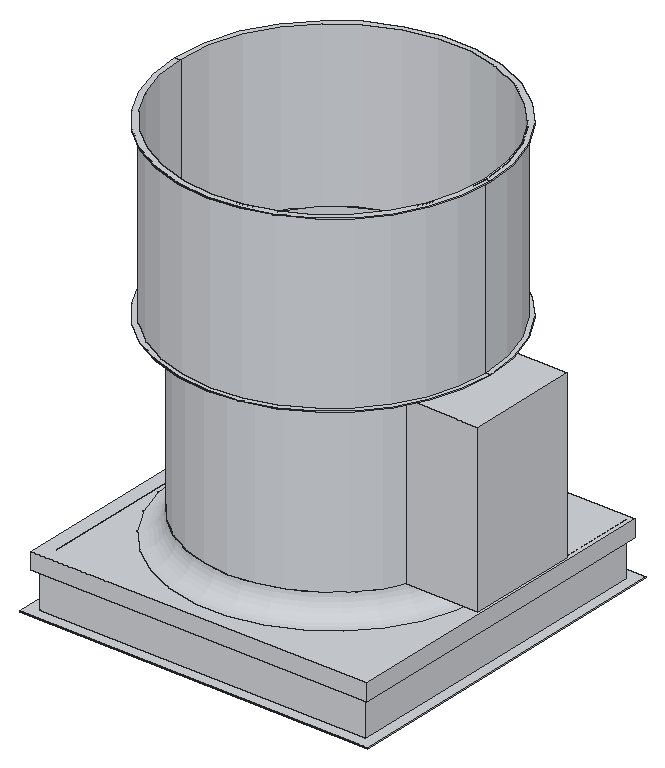
Revit family "AUB", category Mechanical Equipment, Revit 2019
Family settings
  Round Connector Dimension = Use Diameter
  Part Type = Normal
  Work Plane-Based = No
  Always vertical = Yes
  Cut with Voids When Loaded = No
  Shared = No
  Room Calculation Point = No
Parameters (values of type "48_AUB")
  Unit Weight [instance] = ""
  T_SQ/6 = T_SQ / 6  # 0' - 10"
  Sones [instance] = ""
  RO/2 = RO / 2  # 2' - 3 3/4"
  Motor RPM [instance] = ""
  Motor Enclosure [instance] = ""
  ModelID [instance] = ""
  LwA [instance] = ""
  RO = T_SQ - 0' 4 1/2"  # 4' - 7 1/2"
  Fan RPM [instance] = ""
  T_SQ/2 = T_SQ / 2  # 2' - 6"
  T_SQ = 5' - 0"
  E-.125" = E - 0' 0 1/8"  # 0' - 2 7/8"
  E+C-B-2" = E + C_ - B - 0' 2"  # 3' - 0 3/4"
  E = 0' - 3"
  D = 0' - 4"
  CURB_HEIGHT [instance] = 0' - 9 1/2"
  CURB [instance] = yes
  C-B-3" = C_ - B - 0' 3"  # 2' - 8 3/4"
  B/2 = B / 2  # 1' - 3 5/8"
  C-B = C_ - B  # 2' - 11 3/4"
  B = 2' - 7 1/4"
  Brake Hp [instance] = ""
  C_/2 = C_ / 2  # 2' - 9 1/2"
  C_ = 5' - 7"
  Accessories [instance] = ""
  A/2 = A / 2  # 2' - 3 1/2"
  A = 4' - 7"
  4" = 0' - 4"  # constant formula
  2' = 2' - 0"
  2" = 0' - 2"  # constant formula
  1' = 1' - 0"  # constant formula
  1" = 0' - 1"  # constant formula
  0 = 0' - 0"  # constant formula
  Voltage [instance] = 0 V
  URL = "www.lorencook.com"
  Type Comments = "Propeller Upblast Exhaust Ventilator Aluminum or Steel Roof Mounted/Belt Drive"  # constant formula
  Static Pressure [instance] = 0.00 in-wg
  Power [instance] = Voltage * Motor FLA * sqrt(if(Phase = 3, 3, 1))  # 0 VA
  Phase [instance] = 0
  Number of Poles [instance] = 1
  Motor Hp [instance] = "0"
  Motor FLA [instance] = 0 A
  Model = "AUB"  # constant formula
  Manufacturer = "Loren Cook Company"
  CFM [instance] = 0 CFM
  1.5 = 0' - 1 1/2"  # constant formula
  ONE EIGTH = 0' - 0 1/8"  # constant formula
  -(C/2) = -(B / 2)  # -1' - 3 5/8"
  -(A/2) = -(A / 2)  # -2' - 3 1/2"
  (T_SQ/2)+.125" = (T_SQ / 2) + 0' 0 1/8"  # 2' - 6 1/8"
  (A/2)-4.125" = (A / 2) - 0' 4 1/8"  # 1' - 11 3/8"
  (A/2)-4" = (A / 2) - 0' 4"  # 1' - 11 1/2"
Types (6): name | T_SQ/6 | RO/2 | RO | T_SQ/2 | T_SQ | E+C-B-2" | D | C-B-3" | B/2 | C-B | B | C_/2 | C_ | A/2 | A | -(C/2) | -(A/2) | (T_SQ/2)+.125" | (A/2)-4.125" | (A/2)-4"
  (no name) | 0' - 10" | 2' - 3 3/4" | 4' - 7 1/2" | 2' - 6" | 5' - 0" | 3' - 0 3/4" | 0' - 4" | 2' - 8 3/4" | 1' - 3 5/8" | 2' - 11 3/4" | 2' - 7 1/4" | 2' - 9 1/2" | 5' - 7" | 2' - 3 1/2" | 4' - 7" | -1' - 3 5/8" | -2' - 3 1/2" | 2' - 6 1/8" | 1' - 11 3/8" | 1' - 11 1/2"
  24_AUB | 0' - 6" | 1' - 3 3/4" | 2' - 7 1/2" | 1' - 6" | 3' - 0" | 2' - 5 1/4" | 0' - 4" | 2' - 1 1/4" | 0' - 9 3/4" | 2' - 4 1/4" | 1' - 7 1/2" | 1' - 11 7/8" | 3' - 11 3/4" | 1' - 3 1/2" | 2' - 7" | -0' - 9 3/4" | -1' - 3 1/2" | 1' - 6 1/8" | 0' - 11 3/8" | 0' - 11 1/2"
  30_AUB | 0' - 7" | 1' - 6 3/4" | 3' - 1 1/2" | 1' - 9" | 3' - 6" | 2' - 5 3/4" | 0' - 3 7/8" | 2' - 1 3/4" | 0' - 11 13/16" | 2' - 4 3/4" | 1' - 11 5/8" | 2' - 2 3/16" | 4' - 4 3/8" | 1' - 6 1/2" | 3' - 1" | -0' - 11 13/16" | -1' - 6 1/2" | 1' - 9 1/8" | 1' - 2 3/8" | 1' - 2 1/2"
  36_AUB | 0' - 8" | 1' - 9 3/4" | 3' - 7 1/2" | 2' - 0" | 4' - 0" | 3' - 0 1/4" | 0' - 4" | 2' - 8 1/4" | 1' - 0 13/16" | 2' - 11 1/4" | 2' - 1 5/8" | 2' - 6 7/16" | 5' - 0 7/8" | 1' - 9 1/2" | 3' - 7" | -1' - 0 13/16" | -1' - 9 1/2" | 2' - 0 1/8" | 1' - 5 3/8" | 1' - 5 1/2"
  42_AUB | 0' - 9" | 2' - 0 3/4" | 4' - 1 1/2" | 2' - 3" | 4' - 6" | 3' - 0 3/4" | 0' - 4" | 2' - 8 3/4" | 1' - 1 15/16" | 2' - 11 3/4" | 2' - 3 7/8" | 2' - 7 13/16" | 5' - 3 5/8" | 2' - 0 1/2" | 4' - 1" | -1' - 1 15/16" | -2' - 0 1/2" | 2' - 3 1/8" | 1' - 8 3/8" | 1' - 8 1/2"
  48_AUB | 0' - 10" | 2' - 3 3/4" | 4' - 7 1/2" | 2' - 6" | 5' - 0" | 3' - 0 3/4" | 0' - 4" | 2' - 8 3/4" | 1' - 3 5/8" | 2' - 11 3/4" | 2' - 7 1/4" | 2' - 9 1/2" | 5' - 7" | 2' - 3 1/2" | 4' - 7" | -1' - 3 5/8" | -2' - 3 1/2" | 2' - 6 1/8" | 1' - 11 3/8" | 1' - 11 1/2"
Reference planes (in)
  plane 1 "Center (Front/Back)": y = 0
  plane 2: z = 0
  plane 3 "Center (Left/Right)": x = 0.40541
Forms (in)
  Extrusion 1, solid
    sketch origin (0, 0, 0) x (1, 0, 0) y (0, 1, 0)
      loop
        line (-29.71959, 30.125) -> (-29.71959, -30.125) -> (30.53041, -30.125) -> (30.53041, 30.125) -> (-29.71959, 30.125)
    from 0 to 3 <- "E"
  Extrusion 2, void
    sketch origin (0, 0, 0) x (1, 0, 0) y (0, 1, 0)
      loop
        line (-29.59459, 30) -> (-29.59459, -30) -> (30.40541, -30) -> (30.40541, 30) -> (-29.59459, 30)
    from 0 to 2.875 <- "E-.125""
  Revolve 3, solid
    sketch origin (0, 0, 0) x (1, 0, 0) y (0, 0, 1)
      loop
        line (0.40541, 3) -> (27.90541, 3)
        arc (27.90541, 3) -> (25.07699, 4.17157) -> (23.90541, 7) r 4
        line (23.90541, 7) -> (0.40541, 7) -> (0.40541, 3)
      axis (0.40541, 7) -> (0.40541, 3)
    angle from 0 to 360
  Revolve 4, solid
    sketch origin (0, 0, 0) x (1, 0, 0) y (0, 0, 1)
      loop
        line (0.40541, 7) -> (23.90541, 7) -> (23.90541, 42.75) -> (0.40541, 42.75) -> (0.40541, 7)
      axis (0.40541, 7) -> (0.40541, 42.75)
    angle from 0 to 360
  Revolve 5, solid
    sketch origin (0, 0, 0) x (1, 0, 0) y (0, 0, 1)
      loop
        line (28.78041, 38.75) -> (28.78041, 38.875) -> (27.90541, 38.875) -> (27.90541, 69.875) -> (28.78041, 69.875) -> (28.78041, 70) -> (27.78041, 70) -> (27.78041, 38.75) -> (28.78041, 38.75)
      axis (0.40541, 38.75) -> (0.40541, 70)
    angle from 0 to 360
  Extrusion 6, void
    sketch origin (0, 0, 0) x (1, 0, 0) y (0, 1, 0)
      loop
        circle (0.40541, 0) r 23.375
    from 0 to 67 <- "C_"
  Extrusion 7, solid
    sketch origin (0, 0, 0) x (1, 0, 0) y (0, 1, 0)
      loop
        line (21.67158, -10) -> (34.53041, -10) -> (34.53041, 10) -> (21.67158, 10)
        arc (21.67158, 10) -> (23.90541, 0) -> (21.67158, -10) r 23.5
    from 7 to 36.75 <- "E+C-B-2""
  Extrusion 8, solid, visible <- "CURB"
    sketch origin (0, 0, 2.875) x (0, 1, 0) y (1, 0, 0)
      loop
        line (27.75, -27.34459) -> (27.75, 28.15541) -> (-27.75, 28.15541) -> (-27.75, -27.34459) -> (27.75, -27.34459)
      loop
        line (-29.25, 29.65541) -> (-29.25, -28.84459) -> (29.25, -28.84459) -> (29.25, 29.65541) -> (-29.25, 29.65541)
    from 0 to 9.5 <- "CURB_HEIGHT"
  Extrusion 9, solid, visible <- "CURB"
    sketch origin (0, 0, -6.625) x (-1, 0, 0) y (0, 1, 0)
      loop
        line (28.84459, -29.25) -> (28.84459, 29.25) -> (-29.65541, 29.25) -> (-29.65541, -29.25) -> (28.84459, -29.25)
      loop
        line (-31.65541, 31.25) -> (-31.65541, -31.25) -> (30.84459, -31.25) -> (30.84459, 31.25) -> (-31.65541, 31.25)
    from 0 to -0.125
Cuts and joins
  Extrusion 2, Extrusion 6 cuts Extrusion 1
  Extrusion 6 cuts Revolve 3
  Extrusion 6 cuts Revolve 4
  Extrusion 6 cuts Revolve 5
Dimensions and locks (in)
  "(T_SQ/2)+.125"": plane 1 "Center (Front/Back)" to Extrusion 1 sketch curve
  "(T_SQ/2)+.125"": Extrusion 1 sketch curve to plane 1 "Center (Front/Back)"
  "(T_SQ/2)+.125"": Extrusion 1 sketch curve to plane 3 "Center (Left/Right)"
  "(T_SQ/2)+.125"": plane 3 "Center (Left/Right)" to Extrusion 1 sketch curve
  "T_SQ/2": Extrusion 2 sketch curve to plane 3 "Center (Left/Right)"
  "T_SQ/2": plane 3 "Center (Left/Right)" to Extrusion 2 sketch curve
  "T_SQ/2": plane 1 "Center (Front/Back)" to Extrusion 2 sketch curve
  "T_SQ/2": Extrusion 2 sketch curve to plane 1 "Center (Front/Back)"
  "0": Revolve 3 sketch curve to plane 3 "Center (Left/Right)"  (x2)
  "0": Revolve 3 sketch curve to cut or joined group of Extrusion 1, Extrusion 2, Extrusion 6
  "4"": Revolve 3 sketch curve to cut or joined group of Extrusion 1, Extrusion 2, Extrusion 6
  "(A/2)-4"": Revolve 3 sketch curve to plane 3 "Center (Left/Right)"
  "0": Revolve 3 sketch curve to Revolve 3 sketch curve
  "0": Revolve 4 sketch curve to plane 3 "Center (Left/Right)"  (x2)
  "(A/2)-4"": Revolve 4 sketch curve to plane 3 "Center (Left/Right)"
  "0": Revolve 4 sketch curve to Revolve 3
  "A/2": plane 3 "Center (Left/Right)" to Revolve 5 sketch curve
  "0": Revolve 5 sketch curve to plane 3 "Center (Left/Right)"
  "C-B": Revolve 5 sketch curve to cut or joined group of Extrusion 1, Extrusion 2, Extrusion 6
  "B": Revolve 5 sketch curve to Revolve 5 sketch curve
  "ONE EIGTH": Revolve 5 sketch curve to Revolve 5 sketch curve  (x3)
  "1"": Revolve 5 sketch curve to Revolve 5 sketch curve  (x2)
  "0": Extrusion 6 sketch curve to plane 3 "Center (Left/Right)"
  "0": Extrusion 6 sketch curve to plane 1 "Center (Front/Back)"
  "D": Revolve 4 sketch curve to cut or joined group of Revolve 5, Extrusion 6
  "T_SQ/6": plane 1 "Center (Front/Back)" to Extrusion 7 sketch curve
  "T_SQ/6": Extrusion 7 sketch curve to plane 1 "Center (Front/Back)"
  "4"": cut or joined group of Extrusion 1, Extrusion 2, Extrusion 6 to Extrusion 7 sketch curve
  "0": Extrusion 7 sketch curve to plane 3 "Center (Left/Right)"
  "0": Extrusion 7 sketch curve to plane 1 "Center (Front/Back)"
  "1.5": Extrusion 8 sketch curve to Extrusion 8 sketch curve  (x4)
  "RO/2": Extrusion 8 sketch curve to plane 3 "Center (Left/Right)"
  "RO/2": plane 3 "Center (Left/Right)" to Extrusion 8 sketch curve
  "RO/2": plane 1 "Center (Front/Back)" to Extrusion 8 sketch curve
  "RO/2": Extrusion 8 sketch curve to plane 1 "Center (Front/Back)"
  "2"": Extrusion 9 sketch curve to Extrusion 9 sketch curve  (x4)
  "0": Extrusion 9 sketch curve to Extrusion 8  (x3)
  "0": Extrusion 8 to Extrusion 9 sketch curve
  "(A/2)-4.125"": radius of Extrusion 6 sketch curve
  "(A/2)-4"": radius of Extrusion 7 sketch curve
Automatic sketch dimensions
  Revolve 3 sketch curve to level = 0' - 10"
  Revolve 3 sketch curve to Revolve 3 sketch curve = 0' - 1"
  level to Revolve 5 sketch curve = 3' - 0.63042"
  Revolve 5 sketch curve to Revolve 5 sketch curve = 1' - 5"
  Revolve 4 sketch curve to Revolve 4 sketch curve = 1' - 0"
  Revolve 4 sketch curve to Revolve 4 sketch curve = 0' - 3 3/4"
  Extrusion 7 sketch curve to Extrusion 7 sketch curve = 0' - 0"
Connectors (in)
  electrical at (28.101, 0, 7)
    settings: on Extrusion 7, index 2, voltage 0 V, apparent load 0 VA, apparent load phase1 0 VA, apparent load phase2 0 VA, apparent load phase3 0 VA, power factor 1, load classification "Other", number of poles 1, system type 30, power factor state 1, is connector primary yes, connector utility no, sub classification motor no, connector description ""
  hvac at (0.40541, 0, 2.875), driven by "CFM", driven by "RO", driven by "RO"
    settings: on cut or joined group of Extrusion 1, Extrusion 2, Extrusion 6, index 3, duct flow 0 CFM, flow factor 0, pres drop 0.00 in-wg, loss coef 0, conn angle 0.00°, conn width 55 1/2", conn height 55 1/2", conn diameter 24", duct sys type 3, conn prof type 1, flow config 0, flow direction 2, loss method 0, conn ref index -1, conn util no, is conn primary yes, conn desc ""
